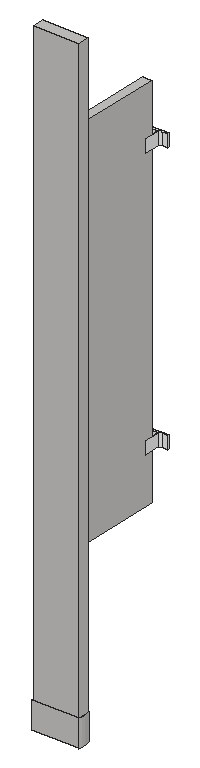
Revit family
Parameters (values of type "11" x 42" Urinal Screen")
  Width = 11"
  Warranty Information = "Warranted 15 years against rust out, 5 years on chrome hardware, lifetime of the partition on the stainless steel hardware."
  Version = "1.0"
  URL = "http://www.bradleycorp.com"
  Type Comments = "n/a"
  Top Stirrup Bracket Distance From Floor [instance] = if(Height > 42", 53 5/16", 53 5/16")  # 53 5/16"
  Top Of Pilaster = 70"
  Technical Data = "n/a"
  Stirrup Brackets [instance] = not(Continuous Brackets)  # yes
  Shoe Material = Metal - Bradley Corp - Stainless Steel Satin
  Percentage of Recycled Content = 0
  Partition Material [instance] = Metal - Bradley Corp - Stainless Steel Brushed
  OmniClass Title = "Toilet Compartment and Urinal Screens"
  OmniClass Code = "23.25.40.14.14.11"
  Modeling Code = "n/a"
  Model = "Stainless Steel - Urinal Screen"
  Material Note = "Stainless Steel Hardware Also Available - Please See www.bradleycorp.com"
  Material = "Stainless Steel"
  MasterFormat Title = "Toilet Compartments"
  MasterFormat Number = "10 21 13"
  Manufacturer = "Bradley Corporation"
  LEED Credit = "n/a"
  Industry Standards = "n/a"
  Hardware Material = Metal - Bradley Corp - Chrome
  Front Face Of Pilaster = 13 3/4"
  Fire Rating = "n/a"
  Description = "Restroom Partitions, Urinal Screen"
  Copyright = "This Model Data is Property of Bradley Corporation"
  Complies to NAFTA = "n/a"
  Buy American Act = "To Be Determined"
  Bottom Stirrup Bracket Distance From Floor [instance] = if(Height > 42", 17 5/16", 23 5/16")  # 23 5/16"
  Height = 42"
  Distance From Floor [instance] = if(Height > 42", 12", 18")  # 18"
  Continuous Brackets [instance] = no
  Bracket Offset = (Height - 41") * 0.5  # 1/2"
  Assembly Code = "C1010400"
  ADA Compliant = "No"  # constant formula
Types (7): name | Width | Model | Front Face Of Pilaster | Bottom Stirrup Bracket Distance From Floor | Height | Distance From Floor | Bracket Offset
  (no name) | 11" | "Stainless Steel - Urinal Screen" | 13 3/4" | 23 5/16" | 42" | 18" | 1/2"
  11" x 42" Urinal Screen | 11" | "Stainless Steel - Urinal Screen" | 13 3/4" | 23 5/16" | 42" | 18" | 1/2"
  17" x 42" Urinal Screen | 17" | "Stainless Steel - Urinal Screen" | 19 3/4" | 23 5/16" | 42" | 18" | 1/2"
  23" x 42" Urinal Screen | 23" | "Stainless Steel - Urinal Screen" | 25 3/4" | 23 5/16" | 42" | 18" | 1/2"
  11" x 48" Urinal Screen | 11" | "Stainless Steel - Urinal Screen" | 13 3/4" | 17 5/16" | 48" | 12" | 3 1/2"
  17" x 48" Urinal Screen | 17" | "Stainless Steel - Urinal Screen" | 19 3/4" | 17 5/16" | 48" | 12" | 3 1/2"
  23" x 48" Urinal Screen | 23" | "Baked Enamel - Urinal Screen" | 25 3/4" | 17 5/16" | 48" | 12" | 3 1/2"
Reference planes (in)
  plane 1 "Center (Front/Back)": y = 0
  plane 2: z = 0
  plane 3 "Center (Left/Right)": x = 0
  plane 4 "Front Face Of Pilaster": y = -13.75
  plane 5: z = 70
Forms (in)
  Extrusion 1, solid, material "Metal - Bradley Corp - Stainless Steel Brushed" <- "Partition Material"
    sketch origin (-0.5, 20.69046, 0) x (0, 1, 0) y (0, 0, 1)
      loop
        line (-32.69046, 60) -> (-32.69046, 18) -> (-21.69046, 18) -> (-21.69046, 60) -> (-32.69046, 60)
    from 0 to 1
  Extrusion 2, solid, material "Metal - Bradley Corp - Stainless Steel Brushed" <- "Partition Material"
    sketch origin (-6.26443, -13.75, 48) x (-1, 0, 0) y (0, 0, 1)
      loop
        line (-3.76443, 22) -> (-8.76443, 22) -> (-8.76443, -48) -> (-3.76443, -48) -> (-3.76443, 22)
    from 0 to 1.25
  Extrusion 3, solid, material "Metal - Bradley Corp - Stainless Steel Satin" <- "Shoe Material"
    sketch origin (0, 0, 0) x (1, 0, 0) y (0, 1, 0)
      loop
        line (2.58242, -12.4375) -> (-2.58242, -12.4375)
        arc (-2.58242, -12.4375) -> (-2.6875, -13.125) -> (-2.58242, -13.8125) r 2.3015
        line (-2.58242, -13.8125) -> (2.58242, -13.8125)
        arc (2.58242, -13.8125) -> (2.6875, -13.125) -> (2.58242, -12.4375) r 2.3015
    from 0 to 3
Dimensions and locks (in)
  locked: Extrusion 1 to plane 1 "Center (Front/Back)" at 1
  "Distance From Floor": level to Extrusion 1
  Extrusion 1 to plane 3 "Center (Left/Right)" to Extrusion 1 = 1/2" locked, 1/2" locked
  "Height": Extrusion 1 to Extrusion 1
  "Width": Extrusion 1 to Extrusion 1
  "Bracket Offset": Extrusion 1 to nested 1
  "Bottom Stirrup Bracket Distance From Floor": nested 2 to level
  "Top Stirrup Bracket Distance From Floor": nested 3 to level
  "Front Face Of Pilaster": plane 4 "Front Face Of Pilaster" to plane 1 "Center (Front/Back)"
  equal spacing: Extrusion 2, plane 3 "Center (Left/Right)", Extrusion 2
  "Top Of Pilaster": plane 5 to plane 2
  locked: Extrusion 3 sketch curve to Extrusion 2 at 0.0625  (x2)
  locked: Extrusion 3 sketch curve to Extrusion 2 at 0.1875
  locked: Extrusion 2 to Extrusion 3 sketch curve at 0.1875
  "Bottom Stirrup Bracket Distance From Floor": nested 4 to plane 2
  "Top Stirrup Bracket Distance From Floor": nested 5 to plane 2
  "Bracket Offset": Extrusion 1 to nested 6
  locked: Extrusion 2 to Extrusion 2 at 5
  radius of Extrusion 3 sketch curve = 2.3015"  (x2)
  aligned and locked: plane 3 "Center (Left/Right)" to nested 1
  aligned and locked: plane 1 "Center (Front/Back)" to nested 1
  aligned and locked: plane 1 "Center (Front/Back)" to nested 2
  aligned and locked: plane 3 "Center (Left/Right)" to nested 2
  aligned and locked: plane 1 "Center (Front/Back)" to nested 3
  aligned and locked: plane 3 "Center (Left/Right)" to nested 3
  aligned and locked: Extrusion 2 to plane 2
  aligned and locked: plane 5 to Extrusion 2
  aligned and locked: Extrusion 3 sketch curve to Extrusion 3 sketch curve  (x2)
  aligned and locked: Extrusion 2 to nested 4
  aligned and locked: nested 4 to plane 3 "Center (Left/Right)"
  aligned and locked: Extrusion 2 to nested 5
  aligned and locked: Extrusion 2 to nested 6
  aligned and locked: nested 4 to nested 6
Automatic sketch dimensions
  plane 1 "Center (Front/Back)" to Extrusion 1 sketch curve = 12"
  level to Extrusion 1 sketch curve = 18"
  Extrusion 1 sketch curve to Extrusion 1 sketch curve = 42"
  plane 1 "Center (Front/Back)" to Extrusion 1 sketch curve = 1"
  plane 3 "Center (Left/Right)" to Extrusion 2 sketch curve = 2 1/2"
  Extrusion 2 sketch curve to plane 3 "Center (Left/Right)" = 2 1/2"
  level to Extrusion 2 sketch curve = 0"
  Extrusion 2 sketch curve to Extrusion 2 sketch curve = 70"
  Extrusion 3 sketch curve to Extrusion 3 sketch curve = 0"
  plane 4 "Front Face Of Pilaster" to Extrusion 3 sketch curve = 5/8"
Nested families (in)
  nested 1: "Continuous Brackets" at (0, 0, 14.5), visible <- "Continuous Brackets", type "Continuous Bracket"
  nested 2: "Stirrup Brackets" at (0, 0, 23.3125), visible <- "Stirrup Brackets", type "Stirrup Bracket"
  nested 3: "Stirrup Brackets" at (0, 0, 53.3125), visible <- "Stirrup Brackets", type "Stirrup Bracket"
  nested 4: "Stirrup Brackets (U)" at (0, -12.5, 23.8125) x (-1, 0, 0) z (0, 0, 1), type "Stirrup Brackets (U)"
    with Top Hinge yes, Stalls Depth 58 3/4", P2P Bracket no, Headrail yes, F Bracket Right yes, F Bracket Left no, Continuous P2P no, Continuous F Bracket Right no, Continous F Bracket Left no, Continous Brackets with Ears no, Continous Brackets No Ears no, Brackets No Ears yes, Bracket with Ears yes, Bottom Hinge no
  nested 5: "Stirrup Brackets (U)" at (0, -12.5, 53.8125) x (-1, 0, 0) z (0, 0, 1), type "Stirrup Brackets (U)"
    with Top Hinge yes, Stalls Depth 58 3/4", P2P Bracket no, Headrail yes, F Bracket Right yes, F Bracket Left no, Continuous P2P no, Continuous F Bracket Right no, Continous F Bracket Left no, Continous Brackets with Ears no, Continous Brackets No Ears no, Brackets No Ears yes, Bracket with Ears yes, Bottom Hinge no
  nested 6: "Continuous Brackets (U)" at (0, -12.5, 18.5) x (-1, 0, 0) z (0, 0, 1), visible <- "Continuous Brackets", type "Parts"
    with Top Hinge yes, Stalls Depth 58 3/4", P2P Bracket no, Headrail yes, F Bracket Right yes, F Bracket Left no, Continuous P2P no, Continuous F Bracket Right no, Continous F Bracket Left no, Continous Brackets with Ears no, Continous Brackets No Ears no, Brackets No Ears yes, Bracket with Ears yes, Bottom Hinge no
Definition of nested family "Continuous Brackets"
  Parameters (values of type "41" Continuous Bracket")
    Material = Metal - Bradley Corp - Stainless Steel Satin
    Assembly Code = ""
  Reference planes (in)
    plane 1 "Center (Front/Back)": y = 0
    plane 2: z = 0
    plane 3 "Center (Left/Right)": x = 0
    plane 4: x = -0.5
    plane 5: x = 0.5
    plane 6: y = -1
    plane 7: y = -2
    plane 8: y = -0.1
    plane 9: y = -0.35
    plane 10 "del me": z = 0
    plane 11 "Midplane Of Bracket": z = 24.5
    plane 12 "Top Of Bracket": z = 45
    plane 13 "Bottom Of Bracket": z = 4
  Forms (in)
    Extrusion 1, solid, material "Metal - Bradley Corp - Stainless Steel Satin" <- "Material"
      sketch origin (0, 0, 44.25) x (1, 0, 0) y (0, 1, 0)
        loop
          line (-1.5, 0) -> (-1.5, -0.1) -> (-0.85, -0.1)
          arc (-0.85, -0.1) -> (-0.67322, -0.17322) -> (-0.6, -0.35) r 0.25
          line (-0.6, -0.35) -> (-0.6, -2) -> (-0.5, -2) -> (-0.5, -0.27354) -> (0.5, -0.27354) -> (0.5, -2) -> (0.6, -2) -> (0.6, -0.35)
          arc (0.6, -0.35) -> (0.67322, -0.17322) -> (0.85, -0.1) r 0.25
          line (0.85, -0.1) -> (1.5, -0.1) -> (1.5, 0) -> (-1.5, 0)
      from 0.75 to -40.25
  Dimensions and locks (in)
    locked: plane 8 to plane 9 at 0.25
    locked: plane 6 to plane 7 at 1
    locked: Extrusion 1 to Extrusion 1 at 3
    locked: Extrusion 1 to Extrusion 1 at 1
    locked: Extrusion 1 to Extrusion 1 at 1.72646  (x2)
    locked: Extrusion 1 to Extrusion 1 at 0.1  (x4)
    locked: Extrusion 1 to Extrusion 1 at 0.65  (x2)
    locked: Extrusion 1 to Extrusion 1 at 0.27354  (x2)
    locked: Extrusion 1 to Extrusion 1 at 2
    locked: Extrusion 1 to Extrusion 1 at 0.9  (x2)
    locked: plane 12 "Top Of Bracket" to plane 13 "Bottom Of Bracket" at 41
    radius of Extrusion 1 = 1/4"  (x2)
    aligned and locked: plane 12 "Top Of Bracket" to Extrusion 1
    aligned and locked: Extrusion 1 to plane 13 "Bottom Of Bracket"
Definition of nested family "Stirrup Brackets"
  Parameters (values of type "Stirrup Bracket")
    Material = Metal - Bradley Corp - Chrome Satin
    Assembly Code = ""
  Reference planes (in)
    plane 1 "Center (Front/Back)": y = 0
    plane 2: z = 0
    plane 3 "Center (Left/Right)": x = 0
    plane 4: x = -0.5
    plane 5: x = 0.5
    plane 6: y = -1
    plane 7: y = -2
    plane 8: y = -0.1
    plane 9: y = -0.35
  Forms (in)
    Extrusion 1, solid, material "Metal - Bradley Corp - Chrome Satin" <- "Material"
      sketch origin (0, 0, -244) x (1, 0, 0) y (0, 1, 0)
        loop
          line (-1.5, 0) -> (-1.5, -0.1) -> (-0.85, -0.1)
          arc (-0.85, -0.1) -> (-0.67322, -0.17322) -> (-0.6, -0.35) r 0.25
          line (-0.6, -0.35) -> (-0.6, -2) -> (-0.5, -2) -> (-0.5, -0.27354) -> (0.5, -0.27354) -> (0.5, -2) -> (0.6, -2) -> (0.6, -0.35)
          arc (0.6, -0.35) -> (0.67322, -0.17322) -> (0.85, -0.1) r 0.25
          line (0.85, -0.1) -> (1.5, -0.1) -> (1.5, 0) -> (-1.5, 0)
      from 244 to 245.375
  Dimensions and locks (in)
    locked: plane 8 to plane 9 at 0.25
    locked: plane 6 to plane 7 at 1
    locked: Extrusion 1 to Extrusion 1 at 3
    locked: Extrusion 1 to Extrusion 1 at 1
    locked: Extrusion 1 to Extrusion 1 at 1.72646  (x2)
    locked: Extrusion 1 to Extrusion 1 at 0.1  (x4)
    locked: Extrusion 1 to Extrusion 1 at 0.65  (x2)
    locked: Extrusion 1 to Extrusion 1 at 0.27354  (x2)
    locked: Extrusion 1 to Extrusion 1 at 2
    locked: Extrusion 1 to Extrusion 1 at 0.9  (x2)
    radius of Extrusion 1 = 1/4"  (x2)
Definition of nested family "Stirrup Brackets (U)"
  Parameters (values of type "Parts")
    Top Hinge [instance] = yes
    Stalls Depth [instance] = 58 3/4"
    Parts Plastic Material = Metal - Bradley Corp - Aluminum
    Partition Parts Material = Metal - Bradley Corp - Chrome
    P2P Bracket [instance] = no
    Latch to Edge of Door Parts = 2"
    Headrail [instance] = yes
    Gap Side Walls Part = 1"
    Gap Pilaster Panel = 1/2"
    Gap Back Wall Parts = 1"
    F Bracket Right [instance] = yes
    F Bracket Left [instance] = no
    Door Gap Parts = 0.188"
    Continuous P2P [instance] = no
    Continuous F Bracket Right [instance] = no
    Continous F Bracket Left [instance] = no
    Continous Brackets with Ears [instance] = no
    Continous Brackets No Ears [instance] = no
    CALC_Half Pilaster Parts = 5/8"
    CALC_Half Panel Parts = 1/2"
    Brackets No Ears [instance] = yes
    Bracket with Ears [instance] = yes
    Bottom Hinge [instance] = no
    Assembly Code = ""
  Reference planes (in)
    plane 1 "Center (Front/Back)": y = 0
    plane 2: z = 0
    plane 3 "Center (Left/Right)": x = 0
    plane 4: y = -0.27354
    plane 5: y = -0.5
    plane 6: y = -1
    plane 7: x = -0.5
    plane 8: x = 0.5
    plane 9: x = -0.6
    plane 10: x = 0.6
    plane 11 "masks": z = 25
    plane 12 "del me": z = 0
  Forms (in)
    Extrusion 1, solid, material "Metal - Bradley Corp - Chrome" <- "Partition Parts Material", visible <- "Brackets No Ears"
      sketch origin (0, 0, 0) x (1, 0, 0) y (0, 1, 0)
        loop
          line (-0.6, 0) -> (-0.6, -1) -> (-0.5, -1) -> (-0.5, -0.27354) -> (0.5, -0.27354) -> (0.5, -1) -> (0.6, -1) -> (0.6, 0) -> (-0.6, 0)
      from 0.5 to -0.5
  Dimensions and locks (in)
    "Gap Pilaster Panel": plane 5 to plane 1 "Center (Front/Back)"
    "Gap Pilaster Panel": plane 5 to plane 6
    locked: plane 4 to plane 1 "Center (Front/Back)" at 0.27354
    "CALC_Half Panel Parts": plane 7 to plane 3 "Center (Left/Right)"
    "CALC_Half Panel Parts": plane 3 "Center (Left/Right)" to plane 8
    locked: plane 9 to plane 7 at 0.1
    locked: plane 8 to plane 10 at 0.1
    aligned and locked: Extrusion 1 sketch curve to plane 9
    aligned and locked: plane 10 to Extrusion 1 sketch curve
    aligned and locked: plane 8 to Extrusion 1 sketch curve
    aligned and locked: plane 7 to Extrusion 1 sketch curve
    aligned and locked: Extrusion 1 sketch curve to plane 4
  Automatic sketch dimensions
    Extrusion 1 sketch curve to plane 6 = 0"  (x2)
    Extrusion 1 sketch curve to plane 1 "Center (Front/Back)" = 0"
Definition of nested family "Continuous Brackets (U)"
  Parameters (values of type "Parts")
    Top Hinge [instance] = yes
    Stalls Depth [instance] = 58 3/4"
    Parts Plastic Material = Metal - Bradley Corp - Aluminum
    Partition Parts Material = Metal - Bradley Corp - Stainless Steel Satin
    P2P Bracket [instance] = no
    Latch to Edge of Door Parts = 2"
    Headrail [instance] = yes
    Gap Side Walls Part = 1"
    Gap Pilaster Panel = 1/2"
    Gap Back Wall Parts = 1"
    F Bracket Right [instance] = yes
    F Bracket Left [instance] = no
    Door Gap Parts = 0.188"
    Continuous P2P [instance] = no
    Continuous F Bracket Right [instance] = no
    Continous F Bracket Left [instance] = no
    Continous Brackets with Ears [instance] = no
    Continous Brackets No Ears [instance] = no
    CALC_Half Pilaster Parts = 5/8"
    CALC_Half Panel Parts = 1/2"
    Brackets No Ears [instance] = yes
    Bracket with Ears [instance] = yes
    Bottom Hinge [instance] = no
    Assembly Code = ""
  Reference planes (in)
    plane 1 "Center (Front/Back)": y = 0
    plane 2: z = 0
    plane 3 "Center (Left/Right)": x = 0
    plane 4: y = -0.27354
    plane 5: y = -0.5
    plane 6: y = -1
    plane 7: x = -0.5
    plane 8: x = 0.5
    plane 9: x = -0.6
    plane 10: x = 0.6
    plane 11 "masks": z = 25
    plane 12 "del me": z = 0
  Forms (in)
    Extrusion 1, solid, material "Metal - Bradley Corp - Stainless Steel Satin" <- "Partition Parts Material", visible <- "Brackets No Ears"
      sketch origin (0, 0, 0) x (1, 0, 0) y (0, 1, 0)
        loop
          line (-0.6, 0) -> (-0.6, -1) -> (-0.5, -1) -> (-0.5, -0.27354) -> (0.5, -0.27354) -> (0.5, -1) -> (0.6, -1) -> (0.6, 0) -> (-0.6, 0)
      from 41 to 0
  Dimensions and locks (in)
    "Gap Pilaster Panel": plane 5 to plane 1 "Center (Front/Back)"
    "Gap Pilaster Panel": plane 5 to plane 6
    locked: plane 4 to plane 1 "Center (Front/Back)" at 0.27354
    "CALC_Half Panel Parts": plane 7 to plane 3 "Center (Left/Right)"
    "CALC_Half Panel Parts": plane 3 "Center (Left/Right)" to plane 8
    locked: plane 9 to plane 7 at 0.1
    locked: plane 8 to plane 10 at 0.1
    aligned and locked: Extrusion 1 sketch curve to plane 9
    aligned and locked: plane 10 to Extrusion 1 sketch curve
    aligned and locked: plane 8 to Extrusion 1 sketch curve
    aligned and locked: plane 7 to Extrusion 1 sketch curve
    aligned and locked: Extrusion 1 sketch curve to plane 4
  Automatic sketch dimensions
    Extrusion 1 sketch curve to plane 6 = 0"  (x2)
    Extrusion 1 sketch curve to plane 1 "Center (Front/Back)" = 0"
